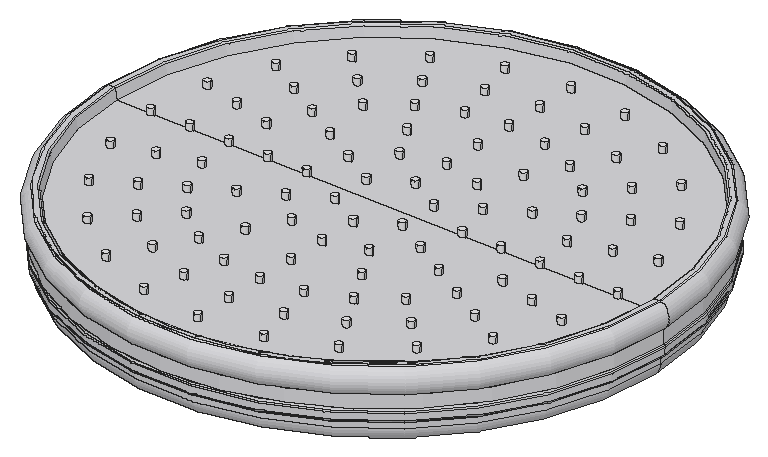
Revit family "Shower-Rainhead-KOHLER-Katalyst-13694W", category Plumbing Fixtures, host Face, Revit 2017
Family settings
  Host = Face
  Round Connector Dimension = Use Diameter
  Part Type = Normal
  OmniClass Number = 23.31.17.00
  OmniClass Title = Showers
  Cut with Voids When Loaded = No
  Shared = No
  Room Calculation Point = No
Parameters (values of type "CP-Polished Chrome")
  Width = 12 113/256"  # constant formula
  WaterSense Certified = 1 = 0  # no
  Waste Water Outlet = "Waste Water Outlet"  # constant formula
  Waste Connection = 1 = 0  # no
  Vent Connection = 1 = 0  # no
  URL = "https://www.kohler.co.uk/"
  Type = 1
  Tempered Water Inlet = "Tempered Water Inlet"  # constant formula
  Product Page URL = "https://www.kohler.co.uk/showering/water-delivery/rainheads/katalyst-traditional-round-rainhead-12in-diameter/"
  Product Name = "Katalyst"  # constant formula
  Product Documentation Link = "https://resources.kohler.com/plumbing/kohleruk/pdf/P6418%20Traditional%20Round%20Rainheads.pdf"
  Pressure = 7.252 psi  # constant formula
  Panel Thickness = 0"
  Model = "13694W-CP"  # constant formula
  Material = "Brass Construction"  # constant formula
  Master Format 2014 Name = "Residential Showers"  # constant formula
  Master Format 2014 = "22 42 23"  # constant formula
  Manufacturer Address = "Cromwell Road, Cheltenham, Gloucestershire. GL52 5EP Registered in England No. 252115"  # constant formula
  Manufacturer = "KOHLER Co."  # constant formula
  Length = 12 113/256"  # constant formula
  Hot Water Inlet = "Hot Water Inlet"  # constant formula
  Height = 3 189/256"  # constant formula
  HW Connection = 1 = 1  # yes
  Flow Rate = 0 GPM
  Finish = Kohler-Metal-CP-Polished_Chrome
  Environmental Product Declaration = ""
  Drain Included = 1 = 0  # no
  Description = "Traditional round rainhead 12Inch diameter"  # constant formula
  Default Elevation = 0"
  Declare Label = ""
  Date Modified = "07/24/2020"  # constant formula
  Date Created = "07/24/2020"  # constant formula
  Copyright = "Copyright KOHLER Co."  # constant formula
  Contact Us = "https://www.kohler.co.uk/support/contact/"
  Cold Water Inlet = "Cold Water Inlet"  # constant formula
  CW Connection = 1 = 0  # no
  Assembly Code = "D2010700"
  ADA Compliant = 1 = 0  # no
Reference planes (in)
  plane 1 "Center (Front/Back)": y = 0
  plane 2: z = 0
  plane 3 "Center (Left/Right)": x = 0
  plane 4: x = -6.22047
  plane 5: x = 6.22093
  plane 6: y = 6.22047
  plane 7: y = -6.22093
  plane 8: x = -0.49422
  plane 9: x = 0.49422
  plane 10: z = 3.73828
  plane 11: x = 0.49422
  plane 12: y = 0.49422
  plane 13: y = -0.49422
  plane 14: z = 1.19269
  plane 15: x = -0.85695
  plane 16: x = 0.85695
  plane 17: y = 0.85695
  plane 18: y = -0.85695
Dimensions and locks (in)
  "Length": plane 7 to plane 6
  "Width": plane 4 to plane 5
  "Height": plane 10 to level
  aligned and locked: plane 2 to host face
  aligned and locked: level to host face
Automatic sketch dimensions
  host sketch curve to host sketch curve = 96"  (x2)
Nested families (in)
  nested 1: "13694W" at (0, -0.00046, 0), type "13694W"
Connectors (in)
  piping at (0, -0.00046, 0), diameter 0.5, driven by "Flow Rate", driven by "Pressure", driven by "HW Connection", driven by "Tempered Water Inlet"
    settings: on nested 1, index 1, connector inside diameter 24", connector length 0", flow factor 0, pipe flow 0 GPM, pressure drop 7.252 psi, fitting loss kfactor 0, connector angle 0.00°, fixture units 0, engagement length 0", angle of deflection 0.00°, flow configuration 0, flow direction 1, fitting loss method 4, system type 19, joint type 0, gender type 0, connector reference index -1, connector utility 1, adjustable connector no, is connector primary yes, connector description "Tempered Water Inlet"
Definition of nested family "13694W"
  Parameters (values of type "13694W")
    w = 12 7/16"
    l = 12 7/16"
    d = 15.00°
    Finish = none
    Assembly Code = ""
  Reference planes (in)
    plane 1 "Center (Front/Back)": y = 0
    plane 2 "Top": z = 0
    plane 3 "Center (Left/Right)": x = 0
    plane 4: x = -6.22047
    plane 5: x = 6.22047
    plane 6: y = 6.22047
    plane 7: y = -6.22047
    plane 8: z = 3.74016
    plane 9: x = -0.49422
    plane 10: x = 0.49422
    plane 11: y = 0.49422
    plane 12: y = -0.49422
    plane 13: x = 0
    plane 14: y = 0
  Forms (in)
    Revolve 1, solid, material <- "Finish", detail levels medium+fine
      sketch origin (0, 0, -5.51857) x (1, 0, 0) y (0, 0, 1)
        loop
          line (0, 5.51857) -> (0, 8.98595) -> (-5.85058, 8.98595) -> (-5.88719, 9.1924)
          arc (-5.88719, 9.1924) -> (-5.8982, 9.21142) -> (-5.91885, 9.21893) r 0.03215
          line (-5.91885, 9.21893) -> (-6.01338, 9.21893)
          arc (-6.01338, 9.21893) -> (-6.02972, 9.2171) -> (-6.04525, 9.21171) r 0.07393
          arc (-6.04525, 9.21171) -> (-6.21651, 8.97402) -> (-6.10859, 8.70165) r 0.30508
          line (-6.10859, 8.70165) -> (-6.10859, 8.41721)
          arc (-6.10859, 8.41721) -> (-6.11198, 8.39177) -> (-6.12192, 8.36811) r 0.0971
          arc (-6.12192, 8.36811) -> (-6.12852, 8.35189) -> (-6.13027, 8.33447) r 0.06124
          line (-6.13027, 8.33447) -> (-6.124, 8.19073)
          arc (-6.124, 8.19073) -> (-6.11892, 8.17564) -> (-6.10657, 8.16559) r 0.02866
          line (-6.10657, 8.16559) -> (-6.0708, 8.15041)
          arc (-6.0708, 8.15041) -> (-6.0556, 8.1382) -> (-6.04902, 8.11985) r 0.03589
          line (-6.04902, 8.11985) -> (-6.0401, 7.99044)
          arc (-6.0401, 7.99044) -> (-5.94988, 7.78133) -> (-5.74855, 7.67488) r 0.34289
          line (-5.74855, 7.67488) -> (-1.18782, 6.99551)
          arc (-1.18782, 6.99551) -> (-1.16785, 6.99054) -> (-1.14921, 6.98184) r 0.10696
          line (-1.14921, 6.98184) -> (-0.911, 6.84126) -> (-0.85695, 6.84126) -> (-0.85695, 6.73341)
          arc (-0.85695, 6.73341) -> (-0.85047, 6.71775) -> (-0.8348, 6.71126) r 0.02215
          line (-0.8348, 6.71126) -> (-0.46922, 6.71126)
          arc (-0.46922, 6.71126) -> (-0.43952, 6.70399) -> (-0.41653, 6.68384) r 0.06433
          arc (-0.41653, 6.68384) -> (-0.37741, 6.63593) -> (-0.33168, 6.59427) r 0.42051
          arc (-0.33168, 6.59427) -> (-0.30738, 6.53395) -> (-0.34737, 6.48267) r 0.06514
          arc (-0.34737, 6.48267) -> (-0.38212, 6.46515) -> (-0.4136, 6.44225) r 0.2405
          arc (-0.4136, 6.44225) -> (-0.45821, 6.38303) -> (-0.47404, 6.3106) r 0.1736
          line (-0.47404, 6.3106) -> (-0.47404, 5.66968) -> (-0.49391, 5.64514) -> (-0.49452, 5.5478) -> (-0.48212, 5.51857) -> (0, 5.51857)
        axis (0, 9.21893) -> (0, 5.51857)
      angle from 0 to 360
    Extrusion 2, solid, material <- "Finish", detail levels medium+fine
      sketch origin (0, 0, 0) x (1, 0, 0) y (0, 1, 0)
        loop
          circle (0, 0) r 0.13142
      from 0 to 0.3416
    Revolve 3, solid, material <- "Finish", detail levels coarse
      sketch origin (0, 0, 0) x (0, 1, 0) y (0, 0, 1)
        loop
          line (0, 3.74016) -> (0, 0) -> (0.49422, 0) -> (0.49422, 1.19269) -> (0.85699, 1.19269) -> (0.85699, 1.29082) -> (1.16712, 1.47383) -> (5.83069, 2.1685) -> (6.22047, 3.74016) -> (0, 3.74016)
        axis (0, 3.74016) -> (0, 0)
      angle from 0 to 360
    Extrusion 4, solid, detail levels medium+fine
      sketch origin (0, 0, 0) x (1, 0, 0) y (0, 1, 0)
        loop
          circle (-2.54257, 4.42348) r 0.07172
        loop
          circle (-1.30931, 4.93128) r 0.07172
        loop
          circle (-1.09107, 4.10933) r 0.07172
        loop
          circle (-2.11877, 3.68617) r 0.07172
        loop
          circle (-0.87285, 3.28743) r 0.07172
        loop
          circle (-1.695, 2.94891) r 0.07172
        loop
          circle (-2.99958, 3.01323) r 0.07172
        loop
          circle (-2.39964, 2.41056) r 0.07172
        loop
          circle (-3.59956, 3.61593) r 0.07172
        loop
          circle (-1.27123, 2.21164) r 0.07172
        loop
          circle (0, 2.55096) r 0.07172
        loop
          circle (0, 3.40134) r 0.07172
        loop
          circle (0, 4.25171) r 0.07172
        loop
          circle (0, 5.10214) r 0.07172
        loop
          circle (-1.47146, 0.85206) r 0.07172
        loop
          circle (-0.84734, 1.47418) r 0.07172
        loop
          circle (-2.20756, 1.27831) r 0.07172
        loop
          circle (-3.28543, 0.88036) r 0.07172
        loop
          circle (-2.94347, 1.70443) r 0.07172
        loop
          circle (-3.67937, 2.13056) r 0.07172
        loop
          circle (-4.41531, 2.55672) r 0.07172
        loop
          circle (-4.92827, 1.32057) r 0.07172
        loop
          circle (-4.10683, 1.10046) r 0.07172
        loop
          circle (0, 1.70035) r 0.07172
        loop
          circle (0, 0.84984) r 0.07172
        loop
          circle (-0.73544, 0.42586) r 0.07172
        loop
          circle (-5.10214, 0) r 0.07172
        loop
          circle (-4.25171, 0) r 0.07172
        loop
          circle (-3.40134, 0) r 0.07172
        loop
          circle (-2.55096, 0) r 0.07172
        loop
          circle (-1.70035, 0) r 0.07172
        loop
          circle (2.54257, 4.42348) r 0.07172
        loop
          circle (1.30931, 4.93128) r 0.07172
        loop
          circle (1.09107, 4.10933) r 0.07172
        loop
          circle (2.11877, 3.68617) r 0.07172
        loop
          circle (0.87285, 3.28743) r 0.07172
        loop
          circle (1.695, 2.94891) r 0.07172
        loop
          circle (2.99958, 3.01323) r 0.07172
        loop
          circle (2.39964, 2.41056) r 0.07172
        loop
          circle (3.59956, 3.61593) r 0.07172
        loop
          circle (1.27123, 2.21164) r 0.07172
        loop
          circle (1.47146, 0.85206) r 0.07172
        loop
          circle (0.84734, 1.47418) r 0.07172
        loop
          circle (2.20756, 1.27831) r 0.07172
        loop
          circle (3.28543, 0.88036) r 0.07172
        loop
          circle (2.94347, 1.70443) r 0.07172
        loop
          circle (3.67937, 2.13056) r 0.07172
        loop
          circle (4.41531, 2.55672) r 0.07172
        loop
          circle (4.92827, 1.32057) r 0.07172
        loop
          circle (4.10683, 1.10046) r 0.07172
        loop
          circle (0.73544, 0.42586) r 0.07172
        loop
          circle (2.54257, -4.42348) r 0.07172
        loop
          circle (1.30931, -4.93128) r 0.07172
        loop
          circle (1.09107, -4.10933) r 0.07172
        loop
          circle (2.11877, -3.68617) r 0.07172
        loop
          circle (0.87285, -3.28743) r 0.07172
        loop
          circle (1.695, -2.94891) r 0.07172
        loop
          circle (2.99958, -3.01323) r 0.07172
        loop
          circle (2.39964, -2.41056) r 0.07172
        loop
          circle (3.59956, -3.61593) r 0.07172
        loop
          circle (1.27123, -2.21164) r 0.07172
        loop
          circle (1.47146, -0.85206) r 0.07172
        loop
          circle (0.84734, -1.47418) r 0.07172
        loop
          circle (2.20756, -1.27831) r 0.07172
        loop
          circle (3.28543, -0.88036) r 0.07172
        loop
          circle (2.94347, -1.70443) r 0.07172
        loop
          circle (3.67937, -2.13056) r 0.07172
        loop
          circle (4.41531, -2.55672) r 0.07172
        loop
          circle (4.92827, -1.32057) r 0.07172
        loop
          circle (4.10683, -1.10046) r 0.07172
        loop
          circle (0.73544, -0.42586) r 0.07172
        loop
          circle (-2.54257, -4.42348) r 0.07172
        loop
          circle (-1.30931, -4.93128) r 0.07172
        loop
          circle (-1.09107, -4.10933) r 0.07172
        loop
          circle (-2.11877, -3.68617) r 0.07172
        loop
          circle (-0.87285, -3.28743) r 0.07172
        loop
          circle (-1.695, -2.94891) r 0.07172
        loop
          circle (-2.99958, -3.01323) r 0.07172
        loop
          circle (-2.39964, -2.41056) r 0.07172
        loop
          circle (-3.59956, -3.61593) r 0.07172
        loop
          circle (-1.27123, -2.21164) r 0.07172
        loop
          circle (-1.47146, -0.85206) r 0.07172
        loop
          circle (-0.84734, -1.47418) r 0.07172
        loop
          circle (-2.20756, -1.27831) r 0.07172
        loop
          circle (-3.28543, -0.88036) r 0.07172
        loop
          circle (-2.94347, -1.70443) r 0.07172
        loop
          circle (-3.67937, -2.13056) r 0.07172
        loop
          circle (-4.41531, -2.55672) r 0.07172
        loop
          circle (-4.92827, -1.32057) r 0.07172
        loop
          circle (-4.10683, -1.10046) r 0.07172
        loop
          circle (-0.73544, -0.42586) r 0.07172
        loop
          circle (0, -2.55096) r 0.07172
        loop
          circle (0, -3.40134) r 0.07172
        loop
          circle (0, -4.25171) r 0.07172
        loop
          circle (0, -5.10214) r 0.07172
        loop
          circle (0, -1.70035) r 0.07172
        loop
          circle (0, -0.84984) r 0.07172
        loop
          circle (5.10214, 0) r 0.07172
        loop
          circle (4.25171, 0) r 0.07172
        loop
          circle (3.40134, 0) r 0.07172
        loop
          circle (2.55096, 0) r 0.07172
        loop
          circle (1.70035, 0) r 0.07172
      from 3.32687 to 3.59166
  Lines and regions (in)
    Masking region 1
      outline origin (0, 0, -5.51857) x (1, 0, 0) y (0, 0, 1)
        loop
          line (0, 5.51857) -> (0.48212, 5.51857) -> (0.49452, 5.5478) -> (0.49391, 5.64514) -> (0.47404, 5.66968) -> (0.45457, 6.27111) -> (0.45457, 6.39676)
          arc (0.45457, 6.39676) -> (0.40711, 6.44738) -> (0.34737, 6.48267) r 0.24513
          arc (0.34737, 6.48267) -> (0.31106, 6.53447) -> (0.33168, 6.59427) r 0.0696
          arc (0.33168, 6.59427) -> (0.38863, 6.64778) -> (0.4342, 6.71126) r 0.40385
          line (0.4342, 6.71126) -> (0.85695, 6.71126) -> (0.85695, 6.84126) -> (0.911, 6.84126) -> (1.16718, 6.99244) -> (5.83066, 7.68711)
          arc (5.83066, 7.68711) -> (5.97697, 7.83089) -> (6.0425, 8.02528) r 0.44144
          line (6.0425, 8.02528) -> (6.05154, 8.15638) -> (6.08485, 8.15638) -> (6.12321, 8.17266) -> (6.13129, 8.35798) -> (6.11067, 8.38226) -> (6.10859, 8.70165)
          arc (6.10859, 8.70165) -> (6.21305, 9.01635) -> (5.98677, 9.25873) r 0.32476
          line (5.98677, 9.25873) -> (-5.98677, 9.25873)
          arc (-5.98677, 9.25873) -> (-6.21305, 9.01635) -> (-6.10859, 8.70165) r 0.32476
          line (-6.10859, 8.70165) -> (-6.11067, 8.38226) -> (-6.13129, 8.35798) -> (-6.12321, 8.17266) -> (-6.08485, 8.15638) -> (-6.05154, 8.15638) -> (-6.0425, 8.02528)
          arc (-6.0425, 8.02528) -> (-5.97697, 7.83089) -> (-5.83066, 7.68711) r 0.44144
          line (-5.83066, 7.68711) -> (-1.16718, 6.99244) -> (-0.911, 6.84126) -> (-0.85695, 6.84126) -> (-0.85695, 6.71126) -> (-0.4342, 6.71126)
          arc (-0.4342, 6.71126) -> (-0.38863, 6.64778) -> (-0.33168, 6.59427) r 0.40385
          arc (-0.33168, 6.59427) -> (-0.31106, 6.53447) -> (-0.34737, 6.48267) r 0.0696
          arc (-0.34737, 6.48267) -> (-0.40711, 6.44738) -> (-0.45457, 6.39676) r 0.24513
          line (-0.45457, 6.39676) -> (-0.45457, 6.27111) -> (-0.47404, 5.66968) -> (-0.49391, 5.64514) -> (-0.49452, 5.5478) -> (-0.48212, 5.51857) -> (0, 5.51857)
    Masking region 2
      outline origin (0, 0, -5.51857) x (0, 1, 0) y (0, 0, 1)
        loop
          line (0, 5.51857) -> (0.48212, 5.51857) -> (0.49452, 5.5478) -> (0.49452, 5.64514) -> (0.47404, 5.66968) -> (0.45299, 6.27231) -> (0.45299, 6.39594)
          arc (0.45299, 6.39594) -> (0.40644, 6.44723) -> (0.34784, 6.48417) r 0.25626
          arc (0.34784, 6.48417) -> (0.30975, 6.53609) -> (0.33415, 6.59569) r 0.06586
          arc (0.33415, 6.59569) -> (0.38755, 6.64839) -> (0.42848, 6.71126) r 0.34975
          line (0.42848, 6.71126) -> (0.85699, 6.71126) -> (0.85699, 6.84126) -> (0.911, 6.84126) -> (1.16712, 6.9924) -> (5.83069, 7.68707)
          arc (5.83069, 7.68707) -> (5.97761, 7.83075) -> (6.04234, 8.02578) r 0.43573
          line (6.04234, 8.02578) -> (6.05147, 8.15638) -> (6.0847, 8.15638) -> (6.12316, 8.1727) -> (6.13129, 8.35798) -> (6.11057, 8.38218) -> (6.10866, 8.70167)
          arc (6.10866, 8.70167) -> (6.21839, 8.99787) -> (6.04026, 9.25873) r 0.34403
          line (6.04026, 9.25873) -> (-6.04026, 9.25873)
          arc (-6.04026, 9.25873) -> (-6.21839, 8.99787) -> (-6.10866, 8.70167) r 0.34403
          line (-6.10866, 8.70167) -> (-6.11057, 8.38218) -> (-6.13129, 8.35798) -> (-6.12316, 8.1727) -> (-6.0847, 8.15638) -> (-6.05147, 8.15638) -> (-6.04234, 8.02578)
          arc (-6.04234, 8.02578) -> (-5.97761, 7.83075) -> (-5.83069, 7.68707) r 0.43573
          line (-5.83069, 7.68707) -> (-1.16712, 6.9924) -> (-0.911, 6.84126) -> (-0.85699, 6.84126) -> (-0.85699, 6.71126) -> (-0.42848, 6.71126)
          arc (-0.42848, 6.71126) -> (-0.38755, 6.64839) -> (-0.33415, 6.59569) r 0.34975
          arc (-0.33415, 6.59569) -> (-0.30975, 6.53609) -> (-0.34784, 6.48417) r 0.06586
          arc (-0.34784, 6.48417) -> (-0.40644, 6.44723) -> (-0.45299, 6.39594) r 0.25626
          line (-0.45299, 6.39594) -> (-0.45299, 6.27231) -> (-0.47404, 5.66968) -> (-0.49452, 5.64514) -> (-0.49452, 5.5478) -> (-0.48212, 5.51857) -> (0, 5.51857)
    Masking region 3
      outline origin (0, 0, 4.60947) x (-1, 0, 0) y (0, -1, 0)
        loop
          circle (0, 0) r 6.21875
    symbolic lines, detail levels medium+fine
      curve 1: line (0.45457, 0, 0.87819) -> (-0.45457, 0, 0.87819)
      curve 2: line (0.34737, 0, 0.9641) -> (-0.34737, 0, 0.9641)
      curve 3: line (0.33168, 0, 1.0757) -> (-0.33168, 0, 1.0757)
      curve 4: line (-0.85695, 0, 1.19269) -> (0.85695, 0, 1.19269)
      curve 5: line (-0.911, 0, 1.32269) -> (0.911, 0, 1.32269)
      curve 6: line (1.16718, 0, 1.47387) -> (-1.16718, 0, 1.47387)
      curve 7: line (5.83066, 0, 2.16854) -> (-5.83066, 0, 2.16854)
      curve 8: line (6.0425, 0, 2.5067) -> (-6.0425, 0, 2.5067)
      curve 9: line (-6.05154, 0, 2.6378) -> (6.05154, 0, 2.6378)
      curve 10: line (6.12321, 0, 2.65409) -> (-6.12321, 0, 2.65409)
      curve 11: line (6.13129, 0, 2.83941) -> (-6.13129, 0, 2.83941)
      curve 12: line (6.11067, 0, 2.86369) -> (-6.11067, 0, 2.86369)
      curve 13: line (6.10859, 0, 3.18308) -> (-6.10859, 0, 3.18308)
      curve 14: line (0, 0.45299, 0.87718) -> (0, -0.45299, 0.87718)
      curve 15: line (0, 0.34784, 0.96541) -> (0, -0.34784, 0.96541)
      curve 16: line (0, 0.33415, 1.07693) -> (0, -0.33415, 1.07693)
      curve 17: line (0, -0.42848, 1.1925) -> (0, 0.42848, 1.1925)
      curve 18: line (0, 0.85699, 1.3225) -> (0, -0.85699, 1.3225)
      curve 19: line (0, 1.16712, 1.47364) -> (0, -1.16712, 1.47364)
      curve 20: line (0, 6.05147, 2.63762) -> (0, -6.05147, 2.63762)
      curve 21: line (0, -6.04234, 2.50702) -> (0, 6.04234, 2.50702)
      curve 22: line (0, 5.83069, 2.16831) -> (0, -5.83069, 2.16831)
      curve 23: line (0, -6.12316, 2.65394) -> (0, 6.12316, 2.65394)
      curve 24: line (0, 6.13129, 2.83922) -> (0, -6.13129, 2.83922)
      curve 25: line (0, -6.11057, 2.86343) -> (0, 6.10406, 2.86343)
      curve 26: line (0, 6.10866, 3.18291) -> (0, -6.10866, 3.18291)
      curve 27: arc (-0.07172, 5.10214, 9.21893) -> (0, 5.17386, 9.21893) -> (0.07172, 5.10214, 9.21893) r 0.07172
      curve 28: arc (0.07172, 5.10214, 9.21893) -> (0, 5.03041, 9.21893) -> (-0.07172, 5.10214, 9.21893) r 0.07172
      curve 29: arc (0.07172, 4.25171, 9.21893) -> (0, 4.17999, 9.21893) -> (-0.07172, 4.25171, 9.21893) r 0.07172
      curve 30: arc (-0.07172, 4.25171, 9.21893) -> (0, 4.32343, 9.21893) -> (0.07172, 4.25171, 9.21893) r 0.07172
      curve 31: arc (-0.07172, 3.40134, 9.21893) -> (0, 3.47306, 9.21893) -> (0.07172, 3.40134, 9.21893) r 0.07172
      curve 32: arc (0.07172, 3.40134, 9.21893) -> (0, 3.32961, 9.21893) -> (-0.07172, 3.40134, 9.21893) r 0.07172
      curve 33: arc (-0.07172, 2.55096, 9.21893) -> (0, 2.62269, 9.21893) -> (0.07172, 2.55096, 9.21893) r 0.07172
      curve 34: arc (0.07172, 2.55096, 9.21893) -> (0, 2.47924, 9.21893) -> (-0.07172, 2.55096, 9.21893) r 0.07172
      curve 35: arc (-0.07172, 1.70035, 9.21893) -> (0, 1.77207, 9.21893) -> (0.07172, 1.70035, 9.21893) r 0.07172
      curve 36: arc (0.07172, 1.70035, 9.21893) -> (0, 1.62862, 9.21893) -> (-0.07172, 1.70035, 9.21893) r 0.07172
      curve 37: arc (-0.07172, 0.84984, 9.21893) -> (0, 0.92157, 9.21893) -> (0.07172, 0.84984, 9.21893) r 0.07172
      curve 38: arc (0.07172, 0.84984, 9.21893) -> (0, 0.77812, 9.21893) -> (-0.07172, 0.84984, 9.21893) r 0.07172
      curve 39: arc (0.94457, 3.28743, 9.21893) -> (0.87285, 3.21571, 9.21893) -> (0.80112, 3.28743, 9.21893) r 0.07172
      curve 40: arc (0.80112, 3.28743, 9.21893) -> (0.87285, 3.35916, 9.21893) -> (0.94457, 3.28743, 9.21893) r 0.07172
      curve 41: arc (1.1628, 4.10933, 9.21893) -> (1.09107, 4.03761, 9.21893) -> (1.01935, 4.10933, 9.21893) r 0.07172
      curve 42: arc (1.01935, 4.10933, 9.21893) -> (1.09107, 4.18106, 9.21893) -> (1.1628, 4.10933, 9.21893) r 0.07172
      curve 43: arc (1.38103, 4.93128, 9.21893) -> (1.30931, 4.85955, 9.21893) -> (1.23758, 4.93128, 9.21893) r 0.07172
      curve 44: arc (1.23758, 4.93128, 9.21893) -> (1.30931, 5.003, 9.21893) -> (1.38103, 4.93128, 9.21893) r 0.07172
      curve 45: arc (2.61429, 4.42348, 9.21893) -> (2.54257, 4.35175, 9.21893) -> (2.47084, 4.42348, 9.21893) r 0.07172
      curve 46: arc (2.47084, 4.42348, 9.21893) -> (2.54257, 4.4952, 9.21893) -> (2.61429, 4.42348, 9.21893) r 0.07172
      curve 47: arc (2.1905, 3.68617, 9.21893) -> (2.11877, 3.61444, 9.21893) -> (2.04705, 3.68617, 9.21893) r 0.07172
      curve 48: arc (2.04705, 3.68617, 9.21893) -> (2.11877, 3.75789, 9.21893) -> (2.1905, 3.68617, 9.21893) r 0.07172
      curve 49: arc (1.76673, 2.94891, 9.21893) -> (1.695, 2.87718, 9.21893) -> (1.62328, 2.94891, 9.21893) r 0.07172
      curve 50: arc (1.62328, 2.94891, 9.21893) -> (1.695, 3.02063, 9.21893) -> (1.76673, 2.94891, 9.21893) r 0.07172
      curve 51: arc (1.19951, 2.21164, 9.21893) -> (1.27123, 2.13992, 9.21893) -> (1.34296, 2.21164, 9.21893) r 0.07172
      curve 52: arc (1.34296, 2.21164, 9.21893) -> (1.27123, 2.28337, 9.21893) -> (1.19951, 2.21164, 9.21893) r 0.07172
      curve 53: arc (0.91907, 1.47418, 9.21893) -> (0.84734, 1.40245, 9.21893) -> (0.77562, 1.47418, 9.21893) r 0.07172
      curve 54: arc (0.91907, 1.47418, 9.21893) -> (0.84734, 1.5459, 9.21893) -> (0.77562, 1.47418, 9.21893) r 0.07172
      curve 55: arc (2.47137, 2.41056, 9.21893) -> (2.39964, 2.33884, 9.21893) -> (2.32792, 2.41056, 9.21893) r 0.07172
      curve 56: arc (2.32792, 2.41056, 9.21893) -> (2.39964, 2.48228, 9.21893) -> (2.47137, 2.41056, 9.21893) r 0.07172
      curve 57: arc (3.07131, 3.01323, 9.21893) -> (2.99958, 2.94151, 9.21893) -> (2.92786, 3.01323, 9.21893) r 0.07172
      curve 58: arc (2.92786, 3.01323, 9.21893) -> (2.99958, 3.08495, 9.21893) -> (3.07131, 3.01323, 9.21893) r 0.07172
      curve 59: arc (3.67128, 3.61593, 9.21893) -> (3.59956, 3.54421, 9.21893) -> (3.52783, 3.61593, 9.21893) r 0.07172
      curve 60: arc (3.52783, 3.61593, 9.21893) -> (3.59956, 3.68766, 9.21893) -> (3.67128, 3.61593, 9.21893) r 0.07172
      curve 61: arc (4.48704, 2.55672, 9.21893) -> (4.41531, 2.48499, 9.21893) -> (4.34359, 2.55672, 9.21893) r 0.07172
      curve 62: arc (4.34359, 2.55672, 9.21893) -> (4.41531, 2.62844, 9.21893) -> (4.48704, 2.55672, 9.21893) r 0.07172
      curve 63: arc (3.75109, 2.13056, 9.21893) -> (3.67937, 2.05884, 9.21893) -> (3.60764, 2.13056, 9.21893) r 0.07172
      curve 64: arc (3.60764, 2.13056, 9.21893) -> (3.67937, 2.20229, 9.21893) -> (3.75109, 2.13056, 9.21893) r 0.07172
      curve 65: arc (3.01519, 1.70443, 9.21893) -> (2.94347, 1.63271, 9.21893) -> (2.87174, 1.70443, 9.21893) r 0.07172
      curve 66: arc (2.87174, 1.70443, 9.21893) -> (2.94347, 1.77616, 9.21893) -> (3.01519, 1.70443, 9.21893) r 0.07172
      curve 67: arc (2.27929, 1.27831, 9.21893) -> (2.20756, 1.20658, 9.21893) -> (2.13584, 1.27831, 9.21893) r 0.07172
      curve 68: arc (2.13584, 1.27831, 9.21893) -> (2.20756, 1.35003, 9.21893) -> (2.27929, 1.27831, 9.21893) r 0.07172
      curve 69: arc (1.54318, 0.85206, 9.21893) -> (1.47146, 0.78033, 9.21893) -> (1.39973, 0.85206, 9.21893) r 0.07172
      curve 70: arc (1.39973, 0.85206, 9.21893) -> (1.47146, 0.92378, 9.21893) -> (1.54318, 0.85206, 9.21893) r 0.07172
      curve 71: arc (0.66372, 0.42586, 9.21893) -> (0.73544, 0.35414, 9.21893) -> (0.80716, 0.42586, 9.21893) r 0.07172
      curve 72: arc (0.80716, 0.42586, 9.21893) -> (0.73544, 0.49759, 9.21893) -> (0.66372, 0.42586, 9.21893) r 0.07172
      curve 73: arc (1.62862, 0, 9.21893) -> (1.70035, -0.07172, 9.21893) -> (1.77207, 0, 9.21893) r 0.07172
      curve 74: arc (1.77207, 0, 9.21893) -> (1.70035, 0.07172, 9.21893) -> (1.62862, 0, 9.21893) r 0.07172
      curve 75: arc (2.62269, 0, 9.21893) -> (2.55096, 0.07172, 9.21893) -> (2.47924, 0, 9.21893) r 0.07172
      curve 76: arc (2.47924, 0, 9.21893) -> (2.55096, -0.07172, 9.21893) -> (2.62269, 0, 9.21893) r 0.07172
      curve 77: arc (3.47306, 0, 9.21893) -> (3.40134, 0.07172, 9.21893) -> (3.32961, 0, 9.21893) r 0.07172
      curve 78: arc (3.32961, 0, 9.21893) -> (3.40134, -0.07172, 9.21893) -> (3.47306, 0, 9.21893) r 0.07172
      curve 79: arc (4.32343, 0, 9.21893) -> (4.25171, 0.07172, 9.21893) -> (4.17999, 0, 9.21893) r 0.07172
      curve 80: arc (4.17999, 0, 9.21893) -> (4.25171, -0.07172, 9.21893) -> (4.32343, 0, 9.21893) r 0.07172
      curve 81: arc (5.17386, 0, 9.21893) -> (5.10214, 0.07172, 9.21893) -> (5.03041, 0, 9.21893) r 0.07172
      curve 82: arc (5.03041, 0, 9.21893) -> (5.10214, -0.07172, 9.21893) -> (5.17386, 0, 9.21893) r 0.07172
      curve 83: arc (3.35715, 0.88036, 9.21893) -> (3.28543, 0.80863, 9.21893) -> (3.21371, 0.88036, 9.21893) r 0.07172
      curve 84: arc (3.21371, 0.88036, 9.21893) -> (3.28543, 0.95208, 9.21893) -> (3.35715, 0.88036, 9.21893) r 0.07172
      curve 85: arc (4.17855, 1.10046, 9.21893) -> (4.10683, 1.02873, 9.21893) -> (4.0351, 1.10046, 9.21893) r 0.07172
      curve 86: arc (4.0351, 1.10046, 9.21893) -> (4.10683, 1.17218, 9.21893) -> (4.17855, 1.10046, 9.21893) r 0.07172
      curve 87: arc (5, 1.32057, 9.21893) -> (4.92827, 1.24885, 9.21893) -> (4.85655, 1.32057, 9.21893) r 0.07172
      curve 88: arc (4.85655, 1.32057, 9.21893) -> (4.92827, 1.3923, 9.21893) -> (5, 1.32057, 9.21893) r 0.07172
      curve 89: arc (5, -1.32057, 9.21893) -> (4.92827, -1.3923, 9.21893) -> (4.85655, -1.32057, 9.21893) r 0.07172
      curve 90: arc (4.85655, -1.32057, 9.21893) -> (4.92827, -1.24885, 9.21893) -> (5, -1.32057, 9.21893) r 0.07172
      curve 91: arc (4.17855, -1.10046, 9.21893) -> (4.10683, -1.17218, 9.21893) -> (4.0351, -1.10046, 9.21893) r 0.07172
      curve 92: arc (4.0351, -1.10046, 9.21893) -> (4.10683, -1.02873, 9.21893) -> (4.17855, -1.10046, 9.21893) r 0.07172
      curve 93: arc (3.35715, -0.88036, 9.21893) -> (3.28543, -0.95208, 9.21893) -> (3.21371, -0.88036, 9.21893) r 0.07172
      curve 94: arc (3.21371, -0.88036, 9.21893) -> (3.28543, -0.80863, 9.21893) -> (3.35715, -0.88036, 9.21893) r 0.07172
      curve 95: arc (4.48704, -2.55672, 9.21893) -> (4.41531, -2.62844, 9.21893) -> (4.34359, -2.55672, 9.21893) r 0.07172
      curve 96: arc (4.34359, -2.55672, 9.21893) -> (4.41531, -2.48499, 9.21893) -> (4.48704, -2.55672, 9.21893) r 0.07172
      curve 97: arc (3.75109, -2.13056, 9.21893) -> (3.67937, -2.20229, 9.21893) -> (3.60764, -2.13056, 9.21893) r 0.07172
      curve 98: arc (3.60764, -2.13056, 9.21893) -> (3.67937, -2.05884, 9.21893) -> (3.75109, -2.13056, 9.21893) r 0.07172
      curve 99: arc (3.01519, -1.70443, 9.21893) -> (2.94347, -1.77616, 9.21893) -> (2.87174, -1.70443, 9.21893) r 0.07172
      curve 100: arc (2.87174, -1.70443, 9.21893) -> (2.94347, -1.63271, 9.21893) -> (3.01519, -1.70443, 9.21893) r 0.07172
      curve 101: arc (2.27929, -1.27831, 9.21893) -> (2.20756, -1.35003, 9.21893) -> (2.13584, -1.27831, 9.21893) r 0.07172
      curve 102: arc (2.13584, -1.27831, 9.21893) -> (2.20756, -1.20658, 9.21893) -> (2.27929, -1.27831, 9.21893) r 0.07172
      curve 103: arc (1.54318, -0.85206, 9.21893) -> (1.47146, -0.92378, 9.21893) -> (1.39973, -0.85206, 9.21893) r 0.07172
      curve 104: arc (1.39973, -0.85206, 9.21893) -> (1.47146, -0.78033, 9.21893) -> (1.54318, -0.85206, 9.21893) r 0.07172
      curve 105: arc (0.80716, -0.42586, 9.21893) -> (0.73544, -0.49759, 9.21893) -> (0.66372, -0.42586, 9.21893) r 0.07172
      curve 106: arc (0.66372, -0.42586, 9.21893) -> (0.73544, -0.35414, 9.21893) -> (0.80716, -0.42586, 9.21893) r 0.07172
      curve 107: arc (0.91907, -1.47418, 9.21893) -> (0.84734, -1.5459, 9.21893) -> (0.77562, -1.47418, 9.21893) r 0.07172
      curve 108: arc (0.77562, -1.47418, 9.21893) -> (0.84734, -1.40245, 9.21893) -> (0.91907, -1.47418, 9.21893) r 0.07172
      curve 109: arc (1.34296, -2.21164, 9.21893) -> (1.27123, -2.28337, 9.21893) -> (1.19951, -2.21164, 9.21893) r 0.07172
      curve 110: arc (1.19951, -2.21164, 9.21893) -> (1.27123, -2.13992, 9.21893) -> (1.34296, -2.21164, 9.21893) r 0.07172
      curve 111: arc (1.76673, -2.94891, 9.21893) -> (1.695, -3.02063, 9.21893) -> (1.62328, -2.94891, 9.21893) r 0.07172
      curve 112: arc (1.62328, -2.94891, 9.21893) -> (1.695, -2.87718, 9.21893) -> (1.76673, -2.94891, 9.21893) r 0.07172
      curve 113: arc (2.1905, -3.68617, 9.21893) -> (2.11877, -3.75789, 9.21893) -> (2.04705, -3.68617, 9.21893) r 0.07172
      curve 114: arc (2.04705, -3.68617, 9.21893) -> (2.11877, -3.61444, 9.21893) -> (2.1905, -3.68617, 9.21893) r 0.07172
      curve 115: arc (2.61429, -4.42348, 9.21893) -> (2.54257, -4.4952, 9.21893) -> (2.47084, -4.42348, 9.21893) r 0.07172
      curve 116: arc (2.47084, -4.42348, 9.21893) -> (2.54257, -4.35175, 9.21893) -> (2.61429, -4.42348, 9.21893) r 0.07172
      curve 117: arc (3.67128, -3.61593, 9.21893) -> (3.59956, -3.68766, 9.21893) -> (3.52783, -3.61593, 9.21893) r 0.07172
      curve 118: arc (3.52783, -3.61593, 9.21893) -> (3.59956, -3.54421, 9.21893) -> (3.67128, -3.61593, 9.21893) r 0.07172
      curve 119: arc (3.07131, -3.01323, 9.21893) -> (2.99958, -3.08495, 9.21893) -> (2.92786, -3.01323, 9.21893) r 0.07172
      curve 120: arc (2.92786, -3.01323, 9.21893) -> (2.99958, -2.94151, 9.21893) -> (3.07131, -3.01323, 9.21893) r 0.07172
      curve 121: arc (2.47137, -2.41056, 9.21893) -> (2.39964, -2.48228, 9.21893) -> (2.32792, -2.41056, 9.21893) r 0.07172
      curve 122: arc (2.32792, -2.41056, 9.21893) -> (2.39964, -2.33884, 9.21893) -> (2.47137, -2.41056, 9.21893) r 0.07172
      curve 123: arc (0.94457, -3.28743, 9.21893) -> (0.87285, -3.35916, 9.21893) -> (0.80112, -3.28743, 9.21893) r 0.07172
      curve 124: arc (0.80112, -3.28743, 9.21893) -> (0.87285, -3.21571, 9.21893) -> (0.94457, -3.28743, 9.21893) r 0.07172
      curve 125: arc (1.1628, -4.10933, 9.21893) -> (1.09107, -4.18106, 9.21893) -> (1.01935, -4.10933, 9.21893) r 0.07172
      curve 126: arc (1.01935, -4.10933, 9.21893) -> (1.09107, -4.03761, 9.21893) -> (1.1628, -4.10933, 9.21893) r 0.07172
      curve 127: arc (1.38103, -4.93128, 9.21893) -> (1.30931, -5.003, 9.21893) -> (1.23758, -4.93128, 9.21893) r 0.07172
      curve 128: arc (1.23758, -4.93128, 9.21893) -> (1.30931, -4.85955, 9.21893) -> (1.38103, -4.93128, 9.21893) r 0.07172
      curve 129: arc (-0.07172, -5.10214, 9.21893) -> (0, -5.17386, 9.21893) -> (0.07172, -5.10214, 9.21893) r 0.07172
      curve 130: arc (0.07172, -5.10214, 9.21893) -> (0, -5.03041, 9.21893) -> (-0.07172, -5.10214, 9.21893) r 0.07172
      curve 131: arc (0.07172, -4.25171, 9.21893) -> (0, -4.32343, 9.21893) -> (-0.07172, -4.25171, 9.21893) r 0.07172
      curve 132: arc (-0.07172, -4.25171, 9.21893) -> (0, -4.17999, 9.21893) -> (0.07172, -4.25171, 9.21893) r 0.07172
      curve 133: arc (0.07172, -3.40134, 9.21893) -> (0, -3.47306, 9.21893) -> (-0.07172, -3.40134, 9.21893) r 0.07172
      curve 134: arc (-0.07172, -3.40134, 9.21893) -> (0, -3.32961, 9.21893) -> (0.07172, -3.40134, 9.21893) r 0.07172
      curve 135: arc (0.07172, -2.55096, 9.21893) -> (0, -2.62269, 9.21893) -> (-0.07172, -2.55096, 9.21893) r 0.07172
      curve 136: arc (-0.07172, -2.55096, 9.21893) -> (0, -2.47924, 9.21893) -> (0.07172, -2.55096, 9.21893) r 0.07172
      curve 137: arc (0.07172, -1.70035, 9.21893) -> (0, -1.77207, 9.21893) -> (-0.07172, -1.70035, 9.21893) r 0.07172
      curve 138: arc (-0.07172, -1.70035, 9.21893) -> (0, -1.62862, 9.21893) -> (0.07172, -1.70035, 9.21893) r 0.07172
      curve 139: arc (0.07172, -0.84984, 9.21893) -> (0, -0.92157, 9.21893) -> (-0.07172, -0.84984, 9.21893) r 0.07172
      curve 140: arc (-0.07172, -0.84984, 9.21893) -> (0, -0.77812, 9.21893) -> (0.07172, -0.84984, 9.21893) r 0.07172
      curve 141: arc (-0.77562, -1.47418, 9.21893) -> (-0.84734, -1.5459, 9.21893) -> (-0.91907, -1.47418, 9.21893) r 0.07172
      curve 142: arc (-0.91907, -1.47418, 9.21893) -> (-0.84734, -1.40245, 9.21893) -> (-0.77562, -1.47418, 9.21893) r 0.07172
      curve 143: arc (-1.19951, -2.21164, 9.21893) -> (-1.27123, -2.28337, 9.21893) -> (-1.34296, -2.21164, 9.21893) r 0.07172
      curve 144: arc (-1.34296, -2.21164, 9.21893) -> (-1.27123, -2.13992, 9.21893) -> (-1.19951, -2.21164, 9.21893) r 0.07172
      curve 145: arc (-0.80112, -3.28743, 9.21893) -> (-0.87285, -3.35916, 9.21893) -> (-0.94457, -3.28743, 9.21893) r 0.07172
      curve 146: arc (-0.94457, -3.28743, 9.21893) -> (-0.87285, -3.21571, 9.21893) -> (-0.80112, -3.28743, 9.21893) r 0.07172
      curve 147: arc (-1.01935, -4.10933, 9.21893) -> (-1.09107, -4.18106, 9.21893) -> (-1.1628, -4.10933, 9.21893) r 0.07172
      curve 148: arc (-1.1628, -4.10933, 9.21893) -> (-1.09107, -4.03761, 9.21893) -> (-1.01935, -4.10933, 9.21893) r 0.07172
      curve 149: arc (-1.23758, -4.93128, 9.21893) -> (-1.30931, -5.003, 9.21893) -> (-1.38103, -4.93128, 9.21893) r 0.07172
      curve 150: arc (-1.38103, -4.93128, 9.21893) -> (-1.30931, -4.85955, 9.21893) -> (-1.23758, -4.93128, 9.21893) r 0.07172
      curve 151: arc (-2.47084, -4.42348, 9.21893) -> (-2.54257, -4.4952, 9.21893) -> (-2.61429, -4.42348, 9.21893) r 0.07172
      curve 152: arc (-2.61429, -4.42348, 9.21893) -> (-2.54257, -4.35175, 9.21893) -> (-2.47084, -4.42348, 9.21893) r 0.07172
      curve 153: arc (-2.04705, -3.68617, 9.21893) -> (-2.11877, -3.75789, 9.21893) -> (-2.1905, -3.68617, 9.21893) r 0.07172
      curve 154: arc (-2.1905, -3.68617, 9.21893) -> (-2.11877, -3.61444, 9.21893) -> (-2.04705, -3.68617, 9.21893) r 0.07172
      curve 155: arc (-1.62328, -2.94891, 9.21893) -> (-1.695, -3.02063, 9.21893) -> (-1.76673, -2.94891, 9.21893) r 0.07172
      curve 156: arc (-1.76673, -2.94891, 9.21893) -> (-1.695, -2.87718, 9.21893) -> (-1.62328, -2.94891, 9.21893) r 0.07172
      curve 157: arc (-2.32792, -2.41056, 9.21893) -> (-2.39964, -2.48228, 9.21893) -> (-2.47137, -2.41056, 9.21893) r 0.07172
      curve 158: arc (-2.47137, -2.41056, 9.21893) -> (-2.39964, -2.33884, 9.21893) -> (-2.32792, -2.41056, 9.21893) r 0.07172
      curve 159: arc (-2.92786, -3.01323, 9.21893) -> (-2.99958, -3.08495, 9.21893) -> (-3.07131, -3.01323, 9.21893) r 0.07172
      curve 160: arc (-3.07131, -3.01323, 9.21893) -> (-2.99958, -2.94151, 9.21893) -> (-2.92786, -3.01323, 9.21893) r 0.07172
      curve 161: arc (-3.52783, -3.61593, 9.21893) -> (-3.59956, -3.68766, 9.21893) -> (-3.67128, -3.61593, 9.21893) r 0.07172
      curve 162: arc (-3.67128, -3.61593, 9.21893) -> (-3.59956, -3.54421, 9.21893) -> (-3.52783, -3.61593, 9.21893) r 0.07172
      curve 163: arc (-4.34359, -2.55672, 9.21893) -> (-4.41531, -2.62844, 9.21893) -> (-4.48704, -2.55672, 9.21893) r 0.07172
      curve 164: arc (-4.48704, -2.55672, 9.21893) -> (-4.41531, -2.48499, 9.21893) -> (-4.34359, -2.55672, 9.21893) r 0.07172
      curve 165: arc (-3.60764, -2.13056, 9.21893) -> (-3.67937, -2.20229, 9.21893) -> (-3.75109, -2.13056, 9.21893) r 0.07172
      curve 166: arc (-3.75109, -2.13056, 9.21893) -> (-3.67937, -2.05884, 9.21893) -> (-3.60764, -2.13056, 9.21893) r 0.07172
      curve 167: arc (-2.87174, -1.70443, 9.21893) -> (-2.94347, -1.77616, 9.21893) -> (-3.01519, -1.70443, 9.21893) r 0.07172
      curve 168: arc (-3.01519, -1.70443, 9.21893) -> (-2.94347, -1.63271, 9.21893) -> (-2.87174, -1.70443, 9.21893) r 0.07172
      curve 169: arc (-2.13584, -1.27831, 9.21893) -> (-2.20756, -1.35003, 9.21893) -> (-2.27929, -1.27831, 9.21893) r 0.07172
      curve 170: arc (-2.27929, -1.27831, 9.21893) -> (-2.20756, -1.20658, 9.21893) -> (-2.13584, -1.27831, 9.21893) r 0.07172
      curve 171: arc (-1.39973, -0.85206, 9.21893) -> (-1.47146, -0.92378, 9.21893) -> (-1.54318, -0.85206, 9.21893) r 0.07172
      curve 172: arc (-1.54318, -0.85206, 9.21893) -> (-1.47146, -0.78033, 9.21893) -> (-1.39973, -0.85206, 9.21893) r 0.07172
      curve 173: arc (-0.66372, -0.42586, 9.21893) -> (-0.73544, -0.49759, 9.21893) -> (-0.80716, -0.42586, 9.21893) r 0.07172
      curve 174: arc (-0.80716, -0.42586, 9.21893) -> (-0.73544, -0.35414, 9.21893) -> (-0.66372, -0.42586, 9.21893) r 0.07172
      curve 175: arc (-3.21371, -0.88036, 9.21893) -> (-3.28543, -0.95208, 9.21893) -> (-3.35715, -0.88036, 9.21893) r 0.07172
      curve 176: arc (-3.35715, -0.88036, 9.21893) -> (-3.28543, -0.80863, 9.21893) -> (-3.21371, -0.88036, 9.21893) r 0.07172
      curve 177: arc (-4.0351, -1.10046, 9.21893) -> (-4.10683, -1.17218, 9.21893) -> (-4.17855, -1.10046, 9.21893) r 0.07172
      curve 178: arc (-4.17855, -1.10046, 9.21893) -> (-4.10683, -1.02873, 9.21893) -> (-4.0351, -1.10046, 9.21893) r 0.07172
      curve 179: arc (-4.85655, -1.32057, 9.21893) -> (-4.92827, -1.3923, 9.21893) -> (-5, -1.32057, 9.21893) r 0.07172
      curve 180: arc (-5, -1.32057, 9.21893) -> (-4.92827, -1.24885, 9.21893) -> (-4.85655, -1.32057, 9.21893) r 0.07172
      curve 181: arc (-5.17386, 0, 9.21893) -> (-5.10214, -0.07172, 9.21893) -> (-5.03041, 0, 9.21893) r 0.07172
      curve 182: arc (-4.32343, 0, 9.21893) -> (-4.25171, -0.07172, 9.21893) -> (-4.17999, 0, 9.21893) r 0.07172
      curve 183: arc (-3.47306, 0, 9.21893) -> (-3.40134, -0.07172, 9.21893) -> (-3.32961, 0, 9.21893) r 0.07172
      curve 184: arc (-2.62269, 0, 9.21893) -> (-2.55096, -0.07172, 9.21893) -> (-2.47924, 0, 9.21893) r 0.07172
      curve 185: arc (-1.77207, 0, 9.21893) -> (-1.70035, -0.07172, 9.21893) -> (-1.62862, 0, 9.21893) r 0.07172
      curve 186: arc (-5.03041, 0, 9.21893) -> (-5.10214, 0.07172, 9.21893) -> (-5.17386, 0, 9.21893) r 0.07172
      curve 187: arc (-4.17999, 0, 9.21893) -> (-4.25171, 0.07172, 9.21893) -> (-4.32343, 0, 9.21893) r 0.07172
      curve 188: arc (-3.32961, 0, 9.21893) -> (-3.40134, 0.07172, 9.21893) -> (-3.47306, 0, 9.21893) r 0.07172
      curve 189: arc (-2.47924, 0, 9.21893) -> (-2.55096, 0.07172, 9.21893) -> (-2.62269, 0, 9.21893) r 0.07172
      curve 190: arc (-1.62862, 0, 9.21893) -> (-1.70035, 0.07172, 9.21893) -> (-1.77207, 0, 9.21893) r 0.07172
      curve 191: arc (-0.66372, 0.42586, 9.21893) -> (-0.73544, 0.35414, 9.21893) -> (-0.80716, 0.42586, 9.21893) r 0.07172
      curve 192: arc (-0.80716, 0.42586, 9.21893) -> (-0.73544, 0.49759, 9.21893) -> (-0.66372, 0.42586, 9.21893) r 0.07172
      curve 193: arc (-1.39973, 0.85206, 9.21893) -> (-1.47146, 0.78033, 9.21893) -> (-1.54318, 0.85206, 9.21893) r 0.07172
      curve 194: arc (-1.54318, 0.85206, 9.21893) -> (-1.47146, 0.92378, 9.21893) -> (-1.39973, 0.85206, 9.21893) r 0.07172
      curve 195: arc (-3.21371, 0.88036, 9.21893) -> (-3.28543, 0.80863, 9.21893) -> (-3.35715, 0.88036, 9.21893) r 0.07172
      curve 196: arc (-3.35715, 0.88036, 9.21893) -> (-3.28543, 0.95208, 9.21893) -> (-3.21371, 0.88036, 9.21893) r 0.07172
      curve 197: arc (-4.0351, 1.10046, 9.21893) -> (-4.10683, 1.02873, 9.21893) -> (-4.17855, 1.10046, 9.21893) r 0.07172
      curve 198: arc (-4.17855, 1.10046, 9.21893) -> (-4.10683, 1.17218, 9.21893) -> (-4.0351, 1.10046, 9.21893) r 0.07172
      curve 199: arc (-4.85655, 1.32057, 9.21893) -> (-4.92827, 1.24885, 9.21893) -> (-5, 1.32057, 9.21893) r 0.07172
      curve 200: arc (-5, 1.32057, 9.21893) -> (-4.92827, 1.3923, 9.21893) -> (-4.85655, 1.32057, 9.21893) r 0.07172
      curve 201: arc (-2.13584, 1.27831, 9.21893) -> (-2.20756, 1.20658, 9.21893) -> (-2.27929, 1.27831, 9.21893) r 0.07172
      curve 202: arc (-2.27929, 1.27831, 9.21893) -> (-2.20756, 1.35003, 9.21893) -> (-2.13584, 1.27831, 9.21893) r 0.07172
      curve 203: arc (-2.87174, 1.70443, 9.21893) -> (-2.94347, 1.63271, 9.21893) -> (-3.01519, 1.70443, 9.21893) r 0.07172
      curve 204: arc (-3.01519, 1.70443, 9.21893) -> (-2.94347, 1.77616, 9.21893) -> (-2.87174, 1.70443, 9.21893) r 0.07172
      curve 205: arc (-3.60764, 2.13056, 9.21893) -> (-3.67937, 2.05884, 9.21893) -> (-3.75109, 2.13056, 9.21893) r 0.07172
      curve 206: arc (-3.75109, 2.13056, 9.21893) -> (-3.67937, 2.20229, 9.21893) -> (-3.60764, 2.13056, 9.21893) r 0.07172
      curve 207: arc (-4.34359, 2.55672, 9.21893) -> (-4.41531, 2.48499, 9.21893) -> (-4.48704, 2.55672, 9.21893) r 0.07172
      curve 208: arc (-4.48704, 2.55672, 9.21893) -> (-4.41531, 2.62844, 9.21893) -> (-4.34359, 2.55672, 9.21893) r 0.07172
      curve 209: arc (-2.32792, 2.41056, 9.21893) -> (-2.39964, 2.33884, 9.21893) -> (-2.47137, 2.41056, 9.21893) r 0.07172
      curve 210: arc (-2.47137, 2.41056, 9.21893) -> (-2.39964, 2.48228, 9.21893) -> (-2.32792, 2.41056, 9.21893) r 0.07172
      curve 211: arc (-0.77562, 1.47418, 9.21893) -> (-0.84734, 1.40245, 9.21893) -> (-0.91907, 1.47418, 9.21893) r 0.07172
      curve 212: arc (-0.91907, 1.47418, 9.21893) -> (-0.84734, 1.5459, 9.21893) -> (-0.77562, 1.47418, 9.21893) r 0.07172
      curve 213: arc (-1.19951, 2.21164, 9.21893) -> (-1.27123, 2.13992, 9.21893) -> (-1.34296, 2.21164, 9.21893) r 0.07172
      curve 214: arc (-1.34296, 2.21164, 9.21893) -> (-1.27123, 2.28337, 9.21893) -> (-1.19951, 2.21164, 9.21893) r 0.07172
      curve 215: arc (-1.62328, 2.94891, 9.21893) -> (-1.695, 2.87718, 9.21893) -> (-1.76673, 2.94891, 9.21893) r 0.07172
      curve 216: arc (-1.76673, 2.94891, 9.21893) -> (-1.695, 3.02063, 9.21893) -> (-1.62328, 2.94891, 9.21893) r 0.07172
      curve 217: arc (-2.92786, 3.01323, 9.21893) -> (-2.99958, 2.94151, 9.21893) -> (-3.07131, 3.01323, 9.21893) r 0.07172
      curve 218: arc (-3.07131, 3.01323, 9.21893) -> (-2.99958, 3.08495, 9.21893) -> (-2.92786, 3.01323, 9.21893) r 0.07172
      curve 219: arc (-3.52783, 3.61593, 9.21893) -> (-3.59956, 3.54421, 9.21893) -> (-3.67128, 3.61593, 9.21893) r 0.07172
      curve 220: arc (-3.67128, 3.61593, 9.21893) -> (-3.59956, 3.68766, 9.21893) -> (-3.52783, 3.61593, 9.21893) r 0.07172
      curve 221: arc (-2.04705, 3.68617, 9.21893) -> (-2.11877, 3.61444, 9.21893) -> (-2.1905, 3.68617, 9.21893) r 0.07172
      curve 222: arc (-2.1905, 3.68617, 9.21893) -> (-2.11877, 3.75789, 9.21893) -> (-2.04705, 3.68617, 9.21893) r 0.07172
      curve 223: arc (-2.47084, 4.42348, 9.21893) -> (-2.54257, 4.35175, 9.21893) -> (-2.61429, 4.42348, 9.21893) r 0.07172
      curve 224: arc (-2.61429, 4.42348, 9.21893) -> (-2.54257, 4.4952, 9.21893) -> (-2.47084, 4.42348, 9.21893) r 0.07172
      curve 225: arc (-0.80112, 3.28743, 9.21893) -> (-0.87285, 3.21571, 9.21893) -> (-0.94457, 3.28743, 9.21893) r 0.07172
      curve 226: arc (-0.94457, 3.28743, 9.21893) -> (-0.87285, 3.35916, 9.21893) -> (-0.80112, 3.28743, 9.21893) r 0.07172
      curve 227: arc (-1.01935, 4.10933, 9.21893) -> (-1.09107, 4.03761, 9.21893) -> (-1.1628, 4.10933, 9.21893) r 0.07172
      curve 228: arc (-1.1628, 4.10933, 9.21893) -> (-1.09107, 4.18106, 9.21893) -> (-1.01935, 4.10933, 9.21893) r 0.07172
      curve 229: arc (-1.23758, 4.93128, 9.21893) -> (-1.30931, 4.85955, 9.21893) -> (-1.38103, 4.93128, 9.21893) r 0.07172
      curve 230: arc (-1.38103, 4.93128, 9.21893) -> (-1.30931, 5.003, 9.21893) -> (-1.23758, 4.93128, 9.21893) r 0.07172
      curve 231: circle (0, 0, 9.21893) r 5.83066 normal (0, 0, 1)
      curve 232: circle (0, 0, 9.21893) r 6.02892 normal (0, 0, 1)
  Dimensions and locks (in)
    plane 8 to level = 3.74016"
    locked: plane 6 to plane 7 at 12.44094
    locked: plane 4 to plane 5 at 12.44094
    locked: plane 8 to level at 3.74016
    aligned and locked: plane 2 "Top" to level
